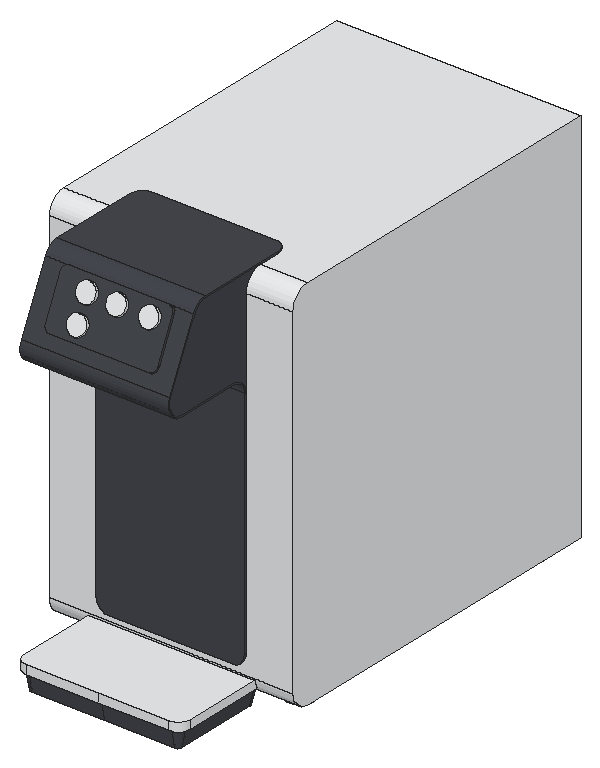
Revit family "Water_Dispenser_Filtered-Elkay-DSBS130UVPC", category Plumbing Fixtures, Revit 2022
Family settings
  Round Connector Dimension = Use Diameter
  Part Type = Normal
  OmniClass Number = 23.45.00.00
  OmniClass Title = Sanitary, Laundry, and Cleaning Equipment
  Work Plane-Based = No
  Always vertical = Yes
  Cut with Voids When Loaded = No
  Maintain Annotation Orientation = No
  Shared = No
  Room Calculation Point = No
Parameters (values of type "DSBS130UVPC (Water Dispenser Filtered Refrigerated 1.5 GPH Stainless )")
  Width [instance] = 10 1/4"
  Waste Connection = yes
  Voltage = 115 V
  Vent Connection = yes
  URL = "https://www.elkay.com/us/en.html"
  Type Comments = ""
  Repair Parts URL = "https://www.elkayfiles.com/care-cleaning-install-warranty-sheets/1000003719.pdf"
  Product data URL = "https://www.bimobject.com/en-us/elkay/product/DSBS130UVPC"
  Product Weight (lbs) = 52  # constant formula
  Product Page URL = "https://www.elkay.com/products/details/dsbs130uvpc"
  Product Installation Sheet URL = "https://www.elkayfiles.com/care-cleaning-install-warranty-sheets/1000003719.pdf"
  Product Documentation Link = "https://www.elkayfiles.com/spec-sheets/dsbs130uvpc_spec.pdf"
  Power Factor = 1
  Number of Poles = 1
  Modified Date = ""
  Model = "DSBS130UVPC"
  Manufacturer Brand = "Elkay (by Zurn Elkay Water Solutions)"  # constant formula
  Manufacturer = "Elkay Manufacturer Company"  # constant formula
  Main Material = Finish-Elkay-Steel
  Length = 19.19076"
  Inlet Connection Size (inch) = 1/4"
  Height = 16 1/2"
  HW Connection = yes
  Front Panel = Finish-Elkay-Midnight Black
  Footings dia = 0.57"
  Dimensions (L x W x H) = "\"19 3/16 inch x 10 1/4 inch x 16 7/16 inch\""
  Description = "Water Dispenser Filtered Refrigerated 1.5 GPH Stainless Steel"
  Default Elevation = 0"
  Date Created = "12/12/2025"  # constant formula
  Current = 0 A
  Chilling Capacity(GPH) = "1.5 GPH"
  CW Connection = yes
  Buttons dia = 0.81704"
  Buttons Pad = Glass
  Assembly Code = "D2010800"
  Approx. Shipping Weight (lbs) = 66.32  # 66
Reference planes (in)
  plane 1 "Center (Front/Back)": y = 0
  plane 2: z = 0.03
  plane 3 "Center (Left/Right)": x = 0
  plane 4: z = 0.53
  plane 5: z = 16.405
  plane 6: y = 11.26574
  plane 7: y = -3.85926
  plane 8: x = 5.125
  plane 9: x = -5.125
  plane 10: y = -1.60926
  plane 11: z = 1.53
  plane 12: through (0, -6.52996, 16.05223) normal (0, -0.9002, 0.4356)
  plane 13: z = 16.4675
  plane 14: through (0, -6.58622, 16.07945) normal (0, -0.9002, 0.4356)
  plane 15: z = 12.4675
  plane 16: y = -3.92176
  plane 17: z = 12.53
  plane 18: z = 11.905
  plane 19: y = -4.48426
  plane 20: z = 15.78
  plane 21: y = -5.96736
  plane 22: y = -7.23752
  plane 23: z = 13.155
  plane 24: x = -4.06474
  plane 25: x = 4.06474
  plane 26: y = -2.15584
  plane 27: y = 9.84416
  plane 28: x = -3.5
  plane 29: x = 3.5
  plane 30: y = -7.74504
  plane 31: y = -3.26092
  plane 32: x = -2.625
  plane 33: x = 2.625
  plane 34: y = -3.63592
  plane 35: y = -3.38592
  plane 36: x = -3.375
  plane 37: x = -2.75
  plane 38: x = 2.75
  plane 39: x = 3.375
  plane 40: y = -3.51092
  plane 41: x = 2.5
  plane 42: y = -3.51092
  plane 43: y = -3.57342
  plane 44: y = -7.44842
  plane 45: y = -3.94842
  plane 46: x = -3.3125
  plane 47: y = -7.57342
  plane 48: x = 3.3125
  plane 49: y = -3.44842
  plane 50: y = -3.82342
  plane 51: y = -3.51092
  plane 52: z = 0.45937
  plane 53: through (0, -6.82477, 15.94518) normal (0, -0.9002, 0.4356)
  plane 54: y = -1.35926
  plane 55: y = -2.17176
  plane 56: x = 3.31095
  plane 57: x = -3.31095
  plane 58: x = -2.5625
  plane 59: x = 2.5625
  plane 60: z = 1.35734
  plane 61: z = 2.44269
  plane 62: x = -2.26573
  plane 63: x = -3.375
  plane 64: x = 3.375
  plane 65: z = 12.1722
  plane 66: z = 12.53
  plane 67: y = -7.92502
  plane 68: x = 3.5
  plane 69: x = -3.53778
  plane 70: z = 12.4675
  plane 71: through (0, -7.87889, 13.40259) normal (0, -0.9002, 0.4356)
  plane 72: y = -7.92502
  plane 73: z = 0.03
  plane 74: z = 0.817
  plane 75: z = 5.9675
  plane 76: x = 2.125
  plane 77: y = 11.20324
  plane 78: z = 7.9675
  plane 79: y = -3.92176
Forms (in)
  Extrusion 1, solid, material "Finish-Elkay-Steel" <- "Main Material"
    sketch origin (0, 0, -0.0325) x (1, 0, 0) y (0, 1, 0)
      loop
        circle (-4.06474, -2.15584) r 0.57
      loop
        circle (4.06474, -2.15584) r 0.57
      loop
        circle (-4.06474, 9.84416) r 0.57
      loop
        circle (4.06474, 9.84416) r 0.57
    from 0.0625 to 0.53
  Extrusion 2, solid, material "Finish-Elkay-Steel", detail levels fine
    sketch origin (3.92258, -13.37925, 0) x (0, -1, 0) y (0, 0, -1)
      loop
        arc (-9.51999, -1.2475) -> (-9.73966, -0.71717) -> (-10.26999, -0.4975) r 0.75
        line (-10.26999, -0.4975) -> (-24.64499, -0.4975) -> (-24.64499, -16.405) -> (-10.26999, -16.405)
        arc (-10.26999, -16.405) -> (-9.73966, -16.18533) -> (-9.51999, -15.655) r 0.75
        line (-9.51999, -15.655) -> (-9.51999, -1.2475)
    from -9.05258 to 1.20242
  Extrusion 3, solid, material "Finish-Elkay-Midnight Black" <- "Front Panel", detail levels fine
    sketch origin (3.9654, 13.58074, 0) x (0, -1, 0) y (0, 0, -1)
      loop
        line (16.6275, -16.405) -> (19.5481, -16.405)
        arc (19.5481, -16.405) -> (19.88012, -16.30951) -> (20.1107, -16.05223) r 0.625
        line (20.1107, -16.05223) -> (21.38086, -13.42723)
        arc (21.38086, -13.42723) -> (21.34777, -12.82297) -> (20.81826, -12.53) r 0.625
        line (20.81826, -12.53) -> (18.065, -12.53)
        arc (18.065, -12.53) -> (17.62306, -12.34694) -> (17.44, -11.905) r 0.625
        line (17.44, -11.905) -> (17.44, -15.5925)
        arc (17.44, -15.5925) -> (17.20202, -16.16702) -> (16.6275, -16.405) r 0.8125
    from -7.0904 to -0.8404
  Extrusion 4, solid, material "Finish-Elkay-Midnight Black" <- "Front Panel", detail levels fine
    sketch origin (5.0675, 13.58074, 0) x (0, -1, 0) y (0, 0, -1)
      loop
        line (15.19, -16.405) -> (15.19, -16.4675) -> (19.5481, -16.4675)
        arc (19.5481, -16.4675) -> (19.91333, -16.36246) -> (20.16696, -16.07945) r 0.6875
        line (20.16696, -16.07945) -> (21.43712, -13.45445)
        arc (21.43712, -13.45445) -> (21.40072, -12.78977) -> (20.81826, -12.4675) r 0.6875
        line (20.81826, -12.4675) -> (18.065, -12.4675)
        arc (18.065, -12.4675) -> (17.66725, -12.30275) -> (17.5025, -11.905) r 0.5625
        line (17.5025, -11.905) -> (17.5025, -1.53) -> (17.44, -1.53) -> (17.44, -11.905)
        arc (17.44, -11.905) -> (17.62306, -12.34694) -> (18.065, -12.53) r 0.625
        line (18.065, -12.53) -> (20.81826, -12.53)
        arc (20.81826, -12.53) -> (21.34777, -12.82297) -> (21.38086, -13.42723) r 0.625
        line (21.38086, -13.42723) -> (20.1107, -16.05223)
        arc (20.1107, -16.05223) -> (19.88012, -16.30951) -> (19.5481, -16.405) r 0.625
        line (19.5481, -16.405) -> (15.19, -16.405)
    from -8.1925 to -1.9425
  Extrusion 5, void
    sketch origin (0, 0, -0.0325) x (1, 0, 0) y (0, 1, 0)
      loop
        line (-2.5625, -1.60926) -> (-2.5625, -1.35926) -> (-3.31095, -1.35926) -> (-3.31095, -2.17176) -> (-3.125, -2.17176)
        arc (-3.125, -2.17176) -> (-2.96025, -1.77402) -> (-2.5625, -1.60926) r 0.5625
      loop
        arc (2.5625, -1.60926) -> (2.96025, -1.77402) -> (3.125, -2.17176) r 0.5625
        line (3.125, -2.17176) -> (3.31095, -2.17176) -> (3.31095, -1.35926) -> (2.5625, -1.35926) -> (2.5625, -1.60926)
    from 16.4375 to 16.58746
  Extrusion 6, void
    sketch origin (5.0675, -3.92176, 12.53) x (0, 0, 1) y (1, 0, 0)
      loop
        arc (-10.47, -8.1925) -> (-10.86775, -8.02775) -> (-11.0325, -7.63) r 0.5625
        line (-11.0325, -7.63) -> (-11.0325, -7.33323) -> (-11.17266, -7.33323) -> (-11.17266, -8.4425) -> (-10.08731, -8.4425) -> (-10.08731, -8.1925) -> (-10.47, -8.1925)
      loop
        line (-10.4814, -1.9425) -> (-9.7825, -1.9425) -> (-9.7825, -1.6925) -> (-11.17266, -1.6925) -> (-11.17266, -2.79037) -> (-11.0325, -2.79037) -> (-11.0325, -2.4936)
        arc (-11.0325, -2.4936) -> (-10.87109, -2.10391) -> (-10.4814, -1.9425) r 0.5511
    from 0.0625 to -0.45053
  Extrusion 7, solid, material "Finish-Elkay-Midnight Black" <- "Front Panel", detail levels fine
    sketch origin (5.0675, -6.4244, 16.41387) x (0, -0.435561, -0.900159) y (1, 0, 0)
      loop
        arc (0.37743, -7.15586) -> (0.45065, -7.33264) -> (0.62743, -7.40586) r 0.25
        line (0.62743, -7.40586) -> (2.50139, -7.40586)
        arc (2.50139, -7.40586) -> (2.67817, -7.33264) -> (2.75139, -7.15586) r 0.25
        line (2.75139, -7.15586) -> (2.75139, -2.9425)
        arc (2.75139, -2.9425) -> (2.67817, -2.76572) -> (2.50139, -2.6925) r 0.25
        line (2.50139, -2.6925) -> (0.62743, -2.6925)
        arc (0.62743, -2.6925) -> (0.45065, -2.76572) -> (0.37743, -2.9425) r 0.25
        line (0.37743, -2.9425) -> (0.37743, -7.15586)
    from 0 to 0.0625
  Extrusion 8, solid, material "Finish-Elkay-Steel" <- "Main Material", detail levels fine
    sketch origin (5.0675, -6.48066, 16.4411) x (0, -0.435561, -0.900159) y (1, 0, 0)
      loop
        circle (1.0048, -6.15284) r 0.40852
    from 0 to 0.09375
  Extrusion 9, solid, material "Finish-Elkay-Steel" <- "Main Material", detail levels fine
    sketch origin (4.79066, -7.95386, 13.39649) x (0, 0.435561, 0.900159) y (-1, 0, 0)
      loop
        circle (1.24703, 5.876) r 0.40852
    from 0 to 0.09375
  Extrusion 10, solid, material "Finish-Elkay-Steel" <- "Main Material", detail levels fine
    sketch origin (6.06548, -6.37516, 16.65913) x (0, -0.435561, -0.900159) y (1, 0, 0)
      loop
        circle (1.24703, -5.876) r 0.40852
    from 0 to 0.09375
  Extrusion 11, solid, material "Finish-Elkay-Steel" <- "Main Material", detail levels fine
    sketch origin (7.44048, -6.37516, 16.65913) x (0, -0.435561, -0.900159) y (1, 0, 0)
      loop
        circle (1.24703, -5.876) r 0.40852
    from 0 to 0.09375
  Extrusion 12, solid, material "Finish-Elkay-Steel" <- "Main Material"
    sketch origin (3.9654, -3.85926, 12.53) x (-1, 0, 0) y (0, 1, 0)
      loop
        circle (3.9029, -2.00163) r 0.5
    from 0 to 0.3578
  Extrusion 13, solid, material "Finish-Elkay-Steel" <- "Main Material", detail levels fine
    sketch origin (11.3125, 3.4197, 0.66515) x (1, 0, 0) y (0, 1, 0)
      loop
        line (-11.3125, -7.05562) -> (-13.8125, -7.05562)
        arc (-13.8125, -7.05562) -> (-13.90089, -7.01901) -> (-13.9375, -6.93062) r 0.125
        line (-13.9375, -6.93062) -> (-13.9375, -6.80562)
        arc (-13.9375, -6.80562) -> (-13.97411, -6.71723) -> (-14.0625, -6.68062) r 0.125
        line (-14.0625, -6.68062) -> (-14.6875, -6.68062)
        arc (-14.6875, -6.68062) -> (-14.77589, -6.71723) -> (-14.8125, -6.80562) r 0.125
        line (-14.8125, -6.80562) -> (-14.8125, -10.66474)
        arc (-14.8125, -10.66474) -> (-14.66605, -11.01829) -> (-14.3125, -11.16474) r 0.5
        line (-14.3125, -11.16474) -> (-11.3125, -11.16474) -> (-8.3125, -11.16474)
        arc (-8.3125, -11.16474) -> (-7.95895, -11.01829) -> (-7.8125, -10.66474) r 0.5
        line (-7.8125, -10.66474) -> (-7.8125, -6.80562)
        arc (-7.8125, -6.80562) -> (-7.84911, -6.71723) -> (-7.9375, -6.68062) r 0.125
        line (-7.9375, -6.68062) -> (-8.5625, -6.68062)
        arc (-8.5625, -6.68062) -> (-8.65089, -6.71723) -> (-8.6875, -6.80562) r 0.125
        line (-8.6875, -6.80562) -> (-8.6875, -6.93062)
        arc (-8.6875, -6.93062) -> (-8.72411, -7.01901) -> (-8.8125, -7.05562) r 0.125
        line (-8.8125, -7.05562) -> (-11.3125, -7.05562)
    from 0.15185 to 0.50705
  Blend 14, solid, material "Finish-Elkay-Midnight Black" <- "Front Panel"
    base sketch origin (11.3125, 3.4197, 0.49295) x (1, 0, 0) y (0, 1, 0)
      loop
        arc (-13.8125, -7.24312) -> (-14.01708, -7.16685) -> (-14.12179, -6.97526) r 0.3125
        arc (-14.12179, -6.97526) -> (-14.16368, -6.89863) -> (-14.24551, -6.86812) r 0.125
        line (-14.24551, -6.86812) -> (-14.5, -6.86812)
        arc (-14.5, -6.86812) -> (-14.58839, -6.90473) -> (-14.625, -6.99312) r 0.125
        line (-14.625, -6.99312) -> (-14.625, -10.68062)
        arc (-14.625, -10.68062) -> (-14.53347, -10.90159) -> (-14.3125, -10.99312) r 0.3125
        line (-14.3125, -10.99312) -> (-11.3125, -10.99312) -> (-8.3125, -10.99312)
        arc (-8.3125, -10.99312) -> (-8.09153, -10.90159) -> (-8, -10.68062) r 0.3125
        line (-8, -10.68062) -> (-8, -6.99312)
        arc (-8, -6.99312) -> (-8.03661, -6.90473) -> (-8.125, -6.86812) r 0.125
        line (-8.125, -6.86812) -> (-8.37949, -6.86812)
        arc (-8.37949, -6.86812) -> (-8.46132, -6.89863) -> (-8.50321, -6.97526) r 0.125
        arc (-8.50321, -6.97526) -> (-8.60792, -7.16685) -> (-8.8125, -7.24312) r 0.3125
        line (-8.8125, -7.24312) -> (-11.3125, -7.24312) -> (-13.8125, -7.24312)
    top sketch origin (11.3125, 3.4197, 0.49295) x (1, 0, 0) y (0, 1, 0)
      loop
        line (-14.5, -7.11812) -> (-14.5, -10.68062)
        arc (-14.5, -10.68062) -> (-14.44508, -10.8132) -> (-14.3125, -10.86812) r 0.1875
        line (-14.3125, -10.86812) -> (-11.3125, -10.86812) -> (-8.3125, -10.86812)
        arc (-8.3125, -10.86812) -> (-8.17992, -10.8132) -> (-8.125, -10.68062) r 0.1875
        line (-8.125, -10.68062) -> (-8.125, -7.11812)
        arc (-8.125, -7.11812) -> (-8.16161, -7.02973) -> (-8.25, -6.99312) r 0.125
        line (-8.25, -6.99312) -> (-8.28217, -6.99312)
        arc (-8.28217, -6.99312) -> (-8.35434, -7.01606) -> (-8.40002, -7.07645) r 0.125
        arc (-8.40002, -7.07645) -> (-8.55991, -7.28784) -> (-8.8125, -7.36812) r 0.4375
        line (-8.8125, -7.36812) -> (-11.3125, -7.36812) -> (-13.8125, -7.36812)
        arc (-13.8125, -7.36812) -> (-14.06509, -7.28784) -> (-14.22498, -7.07645) r 0.4375
        arc (-14.22498, -7.07645) -> (-14.27066, -7.01606) -> (-14.34283, -6.99312) r 0.125
        line (-14.34283, -6.99312) -> (-14.375, -6.99312)
        arc (-14.375, -6.99312) -> (-14.46339, -7.02973) -> (-14.5, -7.11812) r 0.125
    from 0.32405 to -0.46295
  Extrusion 15, solid, material "Finish-Elkay-Steel" <- "Main Material", detail levels coarse+medium
    sketch origin (0, 0, 0) x (0, 1, 0) y (0, 0, 1)
      loop
        line (11.26574, 16.4675) -> (-3.92176, 16.4675) -> (-3.92176, 0.03) -> (11.26574, 0.03) -> (11.26574, 16.4675)
    from -5.13 to 5.125
  Extrusion 16, solid, material "Finish-Elkay-Midnight Black" <- "Front Panel", detail levels coarse+medium
    sketch origin (0, 0, 0) x (0, 1, 0) y (0, 0, 1)
      loop
        line (-3.92176, 16.4675) -> (-6.57203, 16.4675) -> (-8.47728, 12.53) -> (-3.92176, 12.53) -> (-3.92176, 16.4675)
    from -3.125 to 3.125
  Extrusion 17, solid, material "Finish-Elkay-Midnight Black" <- "Front Panel", detail levels coarse+medium
    sketch origin (0, 0, -0.0325) x (1, 0, 0) y (0, 1, 0)
      loop
        line (-3.53778, -3.26092) -> (-3.53778, -7.74504) -> (3.5, -7.74504) -> (3.5, -3.26092) -> (-3.53778, -3.26092)
    from 0.0625 to 0.53
  Extrusion 18, solid, material "Glass"
    sketch origin (0, 0, 0) x (1, 0, 0) y (0, 0, 1)
      loop
        circle (2.125, 5.9675) r 0.25
    from -11.26574 to -11.20324
  Extrusion 19, solid, material "Glass"
    sketch origin (0, 0, 0) x (1, 0, 0) y (0, 0, 1)
      loop
        circle (4.06474, 7.9675) r 0.5
    from -11.26574 to -11.20324
Cuts and joins
  Extrusion 5 cuts Extrusion 1
  Extrusion 5, Extrusion 6 cuts Extrusion 2
  Extrusion 5, Extrusion 6 cuts Extrusion 4
Lines and regions (in)
  Masking region 1
    outline origin (0, 0, 0) x (1, 0, 0) y (0, 1, 0)
      loop
        line (5.125, 11.26574) -> (-5.13, 11.26574) -> (-5.13, -3.92176) -> (-3.53778, -3.92176) -> (-3.53778, -8.47728) -> (3.5, -8.47728) -> (3.5, -3.92176) -> (5.125, -3.92176) -> (5.125, 11.26574)
  reference lines
    curve 1: line (0, 16.08074, -0.0325) -> (0, -17.41926, -0.0325)
    curve 2: line (0, 16.08074, 0.4975) -> (0, -17.41926, 0.4975)
    curve 3: line (-13.75, 0, 17.43) -> (14.25, 0, 17.43)
    curve 4: line (-2.3485, 0, 15.73) -> (-2.3485, 0, 23.98)
    curve 5: line (2.3715, 0, 15.23) -> (2.3715, 0, 23.98)
    curve 6: line (0, -2.91926, 19.1975) -> (0, -2.91926, 21.6975)
    curve 7: line (0, 15.42701, 19.7275) -> (0, -18.07299, 19.7275)
  model lines, detail levels fine
    curve 8: line (-3.125, -6.58622, 16.07945) -> (3.125, -6.58622, 16.07945)
    curve 9: line (-1.08628, -7.32164, 14.70308) -> (-0.83628, -7.32164, 14.70308)
    curve 10: line (-1.21128, -7.48497, 14.36552) -> (-1.21128, -7.37608, 14.59056)
    curve 11: line (-0.83628, -7.53942, 14.253) -> (-1.08628, -7.53942, 14.253)
    curve 12: line (-0.71128, -7.37608, 14.59056) -> (-0.71128, -7.48497, 14.36552)
    curve 13: arc (-1.08628, -7.32164, 14.70308) -> (-1.17467, -7.33758, 14.67013) -> (-1.21128, -7.37608, 14.59056) r 0.125
    curve 14: arc (-1.21128, -7.48497, 14.36552) -> (-1.17467, -7.52347, 14.28596) -> (-1.08628, -7.53942, 14.253) r 0.125
    curve 15: arc (-0.83628, -7.53942, 14.253) -> (-0.74789, -7.52347, 14.28596) -> (-0.71128, -7.48497, 14.36552) r 0.125
    curve 16: arc (-0.71128, -7.37608, 14.59056) -> (-0.74789, -7.33758, 14.67013) -> (-0.83628, -7.32164, 14.70308) r 0.125
  model lines
    curve 17: line (-3.125, -5.86089, 12.53) -> (3.125, -5.86089, 12.53)
    curve 18: line (-2.75, -3.32342, 1.1722) -> (-3.375, -3.32342, 1.1722)
    curve 19: arc (-3.375, -3.32342, 1.1722) -> (-3.41919, -3.34173, 1.1722) -> (-3.4375, -3.38592, 1.1722) r 0.0625
    curve 20: arc (-2.6875, -3.38592, 1.1722) -> (-2.70581, -3.34173, 1.1722) -> (-2.75, -3.32342, 1.1722) r 0.0625
    curve 21: arc (-2.5, -3.69842, 1.1722) -> (-2.63258, -3.6435, 1.1722) -> (-2.6875, -3.51092, 1.1722) r 0.1875
    curve 22: line (-2.6875, -3.51092, 1.1722) -> (-2.6875, -3.38592, 1.1722)
    curve 23: line (0, -3.69842, 1.1722) -> (-2.5, -3.69842, 1.1722)
    curve 24: line (2.5, -3.69842, 1.1722) -> (0, -3.69842, 1.1722)
    curve 25: arc (3.4375, -3.38592, 1.1722) -> (3.41919, -3.34173, 1.1722) -> (3.375, -3.32342, 1.1722) r 0.0625
    curve 26: line (3.375, -3.32342, 1.1722) -> (2.75, -3.32342, 1.1722)
    curve 27: arc (2.75, -3.32342, 1.1722) -> (2.70581, -3.34173, 1.1722) -> (2.6875, -3.38592, 1.1722) r 0.0625
    curve 28: line (2.6875, -3.38592, 1.1722) -> (2.6875, -3.51092, 1.1722)
    curve 29: arc (2.6875, -3.51092, 1.1722) -> (2.63258, -3.6435, 1.1722) -> (2.5, -3.69842, 1.1722) r 0.1875
  symbolic lines, detail levels fine
    curve 30: line (2.57843, -1.60926, -0.0325) -> (-2.5625, -1.60926, -0.0325)
    curve 31: arc (-3.125, -2.17176, -0.0325) -> (-2.96025, -1.77402, -0.0325) -> (-2.5625, -1.60926, -0.0325) r 0.5625
    curve 32: arc (2.57843, -1.60926, -0.0325) -> (2.96491, -1.76935, -0.0325) -> (3.125, -2.15584, -0.0325) r 0.54657
    curve 33: line (3.125, -8.47728, -0.0325) -> (3.125, -2.15584, -0.0325)
    curve 34: line (-3.125, -2.17176, -0.0325) -> (-3.125, -8.47728, -0.0325)
Dimensions and locks (in)
  locked: curve 2 to curve 1 at 0.53
  locked: plane 4 to plane 5 at 15.875
  locked: curve 5 to plane 6 at 11.26574
  locked: plane 7 to plane 6 at 15.125
  locked: curve 1 to level
  locked: plane 1 "Center (Front/Back)" to curve 7 at 18.07299
  locked: plane 1 "Center (Front/Back)" to curve 2 at 17.41926
  locked: curve 1 to curve 2  (x2)
  locked: plane 1 "Center (Front/Back)" to curve 6 at 2.91926
  locked: curve 7 to plane 1 "Center (Front/Back)" at 15.42701
  locked: curve 2 to plane 1 "Center (Front/Back)" at 16.08074
  locked: level to curve 6 at 19.23
  locked: curve 6 to curve 7 at 0.53
  locked: curve 6 to curve 6 at 2.5
  locked: curve 3 to plane 3 "Center (Left/Right)" at 13.75
  locked: plane 3 "Center (Left/Right)" to curve 5 at 2.3715
  locked: curve 4 to plane 3 "Center (Left/Right)" at 2.3485
  locked: curve 5 to curve 3 at 11.8785
  locked: curve 5 to curve 4 at 0.5
  locked: curve 5 to curve 3 at 2.2
  locked: curve 5 to curve 5 at 8.75
  locked: curve 4 to curve 5
  locked: Extrusion 3 sketch curve to Extrusion 3 sketch curve at 0.8125
  locked: Extrusion 3 sketch curve to Extrusion 3 sketch curve at 0.625
  locked: Extrusion 3 sketch curve to Extrusion 3 sketch curve at 0.5626
  locked: Extrusion 3 sketch curve to Extrusion 3 sketch curve at 0.35277
  locked: Extrusion 3 sketch curve to Extrusion 3 sketch curve at 0.27223
  locked: Blend 14 sketch curve to plane 3 "Center (Left/Right)"  (x4)
  locked: Blend 14 sketch curve to plane 3 "Center (Left/Right)" at 2.5
  locked: Blend 14 sketch curve to Blend 14 sketch curve at 0.53033  (x2)
  locked: Blend 14 sketch curve to Blend 14 sketch curve at 0.03217  (x2)
  locked: Blend 14 sketch curve to Blend 14 sketch curve at 0.1875  (x2)
  locked: Blend 14 sketch curve to Blend 14 sketch curve at 0.25  (x2)
  locked: Blend 14 sketch curve to Blend 14 sketch curve  (x3)
  locked: Blend 14 sketch curve to Blend 14 sketch curve at 0.4375  (x2)
  locked: curve 20 to curve 20 at 0.0625
  locked: curve 26 to curve 25 at 0.0625
  locked: plane 8 to plane 9 at 10.25
  equal spacing: plane 8, plane 3 "Center (Left/Right)", plane 9, locked at 5.125 each
  locked: Extrusion 2 sketch curve to plane 7 at 0.75
  locked: Extrusion 2 sketch curve to Extrusion 2 sketch curve at 0.75
  locked: plane 1 "Center (Front/Back)" to plane 10 at 1.60926
  locked: curve 1 to plane 11 at 1.5625
  locked: curve 8 to plane 8 at 2
  locked: plane 9 to curve 8 at 2
  locked: plane 13 to cut or joined group of Extrusion 2, Extrusion 5, Extrusion 6 at 0.0625
  locked: plane 13 to plane 15 at 4
  locked: cut or joined group of Extrusion 2, Extrusion 5, Extrusion 6 to plane 16 at 0.0625
  locked: plane 17 to plane 15 at 0.0625
  locked: plane 13 to plane 20 at 0.6875
  locked: plane 10 to plane 21 at 4.3581
  locked: cut or joined group of Extrusion 2, Extrusion 5, Extrusion 6 to plane 22 at 3.37826
  locked: plane 23 to plane 15 at 0.6875
  locked: Extrusion 4 sketch curve to plane 18
  locked: Extrusion 4 sketch curve to plane 23 at 0.29945
  locked: cut or joined group of Extrusion 2, Extrusion 5, Extrusion 6 to Extrusion 3 sketch curve at 4.5
  locked: curve 17 to plane 8 at 2
  locked: plane 1 "Center (Front/Back)" to curve 17 at 5.86089
  locked: plane 9 to curve 17 at 2
  locked: plane 27 to plane 26 at 12
  locked: plane 24 to plane 25 at 8.12948
  locked: cut or joined group of Extrusion 2, Extrusion 5, Extrusion 6 to plane 27 at 1.42157
  locked: cut or joined group of Extrusion 2, Extrusion 5, Extrusion 6 to plane 24 at 1.06526
  locked: plane 28 to plane 29 at 7
  equal spacing: plane 28, curve 7, plane 29, locked at 3.5 each
  locked: cut or joined group of Extrusion 2, Extrusion 5, Extrusion 6 to plane 30 at 19.01078
  locked: plane 31 to plane 30 at 4.48412
  locked: plane 28 to plane 32 at 0.875
  locked: plane 33 to plane 29 at 0.875
  locked: plane 35 to plane 31 at 0.125
  locked: plane 39 to Extrusion 13 sketch curve at 0.125
  locked: plane 33 to plane 38 at 0.125
  locked: plane 40 to plane 34 at 0.125
  locked: plane 41 to plane 33 at 0.125
  locked: Extrusion 13 sketch curve to plane 37
  locked: Extrusion 13 sketch curve to plane 3 "Center (Left/Right)"  (x2)
  locked: plane 40 to Extrusion 13 sketch curve
  locked: Extrusion 13 sketch curve to plane 37 at 0.25
  locked: plane 38 to Extrusion 13 sketch curve at 0.25
  locked: plane 42 to plane 31 at 0.25
  locked: curve 21 to curve 23 at 2.5
  locked: plane 43 to plane 44 at 3.875
  locked: Blend 14 sketch curve to Blend 14 sketch curve at 6.375
  locked: cut or joined group of Extrusion 2, Extrusion 5, Extrusion 6 to plane 44 at 18.71416
  locked: plane 43 to Blend 14 sketch curve
  locked: Blend 14 sketch curve to curve 7 at 3.1875
  locked: curve 7 to Blend 14 sketch curve at 3.1875
  locked: plane 45 to plane 43 at 0.375
  locked: cut or joined group of Extrusion 2, Extrusion 5, Extrusion 6 to plane 47 at 18.83916
  locked: plane 9 to plane 46 at 1.8125
  locked: plane 48 to plane 8 at 1.8125
  locked: plane 49 to plane 47 at 4.125
  locked: plane 49 to plane 50 at 0.375
  locked: Blend 14 sketch curve to Blend 14 sketch curve at 5
  equal spacing: Blend 14 sketch curve, curve 7, Blend 14 sketch curve, locked at 2.5 each
  locked: plane 49 to plane 51 at 0.0625
  locked: Blend 14 sketch curve to Blend 14 sketch curve at 0.125  (x2)
  locked: plane 49 to Blend 14 sketch curve at 0.125  (x2)
  locked: Blend 14 sketch curve to Blend 14 sketch curve at 0.25449  (x2)
  locked: plane 46 to Blend 14 sketch curve at 0.125
  locked: plane 46 to Blend 14 sketch curve at 0.3125
  locked: Blend 14 sketch curve to plane 47 at 0.3125
  locked: Blend 14 sketch curve to Blend 14 sketch curve at 0.3125  (x2)
  locked: plane 51 to Blend 14 sketch curve
  locked: Blend 14 sketch curve to plane 48 at 0.3125
  locked: Blend 14 sketch curve to plane 48 at 0.125
  locked: plane 51 to Blend 14 sketch curve at 0.0625
  locked: plane 52 to level at 0.49187
  locked: curve 24 to plane 3 "Center (Left/Right)"
  locked: curve 22 to curve 21 at 0.1875
  locked: curve 18 to curve 18 at 0.625
  locked: plane 25 to curve 24 at 1.56474
  locked: curve 29 to curve 28 at 0.1875
  locked: curve 27 to curve 27 at 0.0625
  locked: curve 27 to curve 25 at 0.625
  locked: curve 24 to plane 26 at 1.54258
  locked: curve 21 to curve 20 at 0.125
  locked: curve 19 to curve 18 at 0.0625
  locked: curve 28 to curve 25 at 0.125
  locked: curve 11 to Extrusion 7 at 0.32061
  locked: curve 15 to curve 15 at 0.125
  locked: curve 14 to curve 11 at 0.125
  locked: curve 16 to curve 15 at 0.25
  locked: curve 13 to curve 14 at 0.25
  locked: curve 9 to curve 16 at 0.125
  locked: curve 11 to curve 11 at 0.25
  locked: curve 10 to Extrusion 7 at 1.12708
  locked: Extrusion 7 sketch curve to Extrusion 7 sketch curve at 2.37396
  locked: Extrusion 7 sketch curve to Extrusion 7 sketch curve at 4.71336
  locked: Extrusion 7 sketch curve to cut or joined group of Extrusion 4, Extrusion 5, Extrusion 6 at 2.52299
  locked: cut or joined group of Extrusion 4, Extrusion 5, Extrusion 6 to Extrusion 7 sketch curve at 0.78664
  locked: Extrusion 7 sketch curve to Extrusion 7 sketch curve at 0.25  (x6)
  locked: Extrusion 7 sketch curve to curve 8 at 0.25591
  locked: Extrusion 7 to cut or joined group of Extrusion 4, Extrusion 5, Extrusion 6 at 0.0625
  locked: Extrusion 7 to Extrusion 8 sketch curve at 1.25302
  locked: Extrusion 7 to Extrusion 8 sketch curve at 0.62738
  locked: Extrusion 7 to Extrusion 10 sketch curve at 0.62738
  locked: Extrusion 7 to Extrusion 10 sketch curve at 2.52784
  locked: Extrusion 11 sketch curve to Extrusion 7 at 0.81051
  locked: Extrusion 7 to Extrusion 11 sketch curve at 0.62738
  locked: Extrusion 7 to Extrusion 9 sketch curve at 0.61612
  locked: Extrusion 7 to Extrusion 9 sketch curve at 1.25302
  locked: plane 53 to cut or joined group of Extrusion 4, Extrusion 5, Extrusion 6 at 0.15625
  locked: plane 57 to cut or joined group of Extrusion 4, Extrusion 5, Extrusion 6 at 0.18595
  locked: cut or joined group of Extrusion 4, Extrusion 5, Extrusion 6 to plane 56 at 0.18595
  locked: plane 54 to cut or joined group of Extrusion 4, Extrusion 5, Extrusion 6 at 0.25
  locked: plane 59 to plane 56 at 0.74845
  locked: plane 57 to plane 58 at 0.74845
  locked: Extrusion 5 sketch curve to plane 58
  locked: Extrusion 5 sketch curve to plane 59
  locked: plane 60 to level at 1.38984
  locked: Extrusion 6 sketch curve to plane 62 at 1.10927
  locked: plane 61 to level at 2.47519
  locked: Extrusion 13 to plane 62 at 1.10927
  locked: Extrusion 6 sketch curve to plane 63 at 0.8125
  locked: plane 61 to Extrusion 6 sketch curve at 0.38269
  locked: plane 64 to plane 63 at 6.75
  locked: plane 64 to Extrusion 6 sketch curve at 1.09787
  locked: Extrusion 6 sketch curve to plane 60 at 0.69125
  locked: plane 64 to Extrusion 6 sketch curve at 0.8011
  locked: plane 62 to Extrusion 6 sketch curve
  locked: plane 61 to Extrusion 6 sketch curve at 0.30481
  locked: plane 66 to plane 65 at 0.3578
  locked: Extrusion 13 to Extrusion 12 sketch curve at 3.4375
  locked: Extrusion 13 to Extrusion 12 sketch curve at 1.88415
  locked: cut or joined group of Extrusion 2, Extrusion 5, Extrusion 6 to plane 67 at 19.19076
  locked: plane 66 to Extrusion 15 sketch curve at 3.9375
  locked: Masking region 1 sketch curve to plane 24 at 0.52697
  locked: plane 25 to Masking region 1 sketch curve at 0.56474
  locked: Extrusion 17 sketch curve to plane 24 at 0.52697
  locked: plane 25 to Extrusion 17 sketch curve at 0.56474
  locked: Extrusion 17 sketch curve to plane 26 at 1.10508
  locked: Extrusion 17 sketch curve to Extrusion 17 sketch curve at 4.48412
  locked: Masking region 1 sketch curve to plane 67 at 0.55225
  locked: Extrusion 3 sketch curve to plane 66
  locked: Extrusion 3 sketch curve to Extrusion 3 sketch curve at 2.1081
  locked: Extrusion 3 sketch curve to Extrusion 3 sketch curve at 2.75326
  locked: plane 65 to Extrusion 3 sketch curve at 1.25502
  locked: plane 60 to Extrusion 6 sketch curve at 0.14016  (x2)
  locked: Extrusion 15 sketch curve to plane 26 at 1.76593
  locked: Extrusion 17 to level at 0.53
  locked: plane 68 to plane 69 at 7.03778
  locked: plane 3 "Center (Left/Right)" to plane 69 at 3.53778
  locked: cut or joined group of Extrusion 4, Extrusion 5, Extrusion 6 to cut or joined group of Extrusion 4, Extrusion 5, Extrusion 6 at 6.25
  locked: plane 66 to Extrusion 16 sketch curve at 3.9375
  locked: Extrusion 16 sketch curve to plane 26 at 1.76593
  locked: plane 27 to Extrusion 15 sketch curve at 1.42157
  locked: Masking region 1 to cut or joined group of Extrusion 4, Extrusion 5, Extrusion 6 at 6.86801
  locked: curve 10 to Masking region 1 at 3.91872
  "Width": plane 9 to plane 8
  locked: plane 66 to curve 5 at 2.7
  "Height": cut or joined group of Extrusion 4, Extrusion 5, Extrusion 6 to level
  "Length": cut or joined group of Extrusion 2, Extrusion 5, Extrusion 6 to plane 72
  locked: plane 52 to curve 2 at 0.03813
  locked: plane 4 to Extrusion 2 sketch curve at 0.0325
  locked: plane 65 to Extrusion 13 at 11
  cut or joined group of Extrusion 4, Extrusion 5, Extrusion 6 to level = 16 1/2"
  locked: cut or joined group of Extrusion 4, Extrusion 5, Extrusion 6 to plane 73 at 16.4375
  locked: plane 74 to plane 73 at 0.787
  locked: level to plane 75 at 6
  locked: plane 76 to Extrusion 15 at 3
  locked: Extrusion 15 to plane 77 at 0.0625
  locked: level to plane 78 at 8
  locked: plane 8 to Masking region 1 sketch curve
  locked: Masking region 1 sketch curve to plane 9 at 0.005
  locked: Masking region 1 sketch curve to plane 77 at 0.0625
  radius of Extrusion 4 sketch curve = 9/16"
  "Footings dia": radius of Extrusion 1 sketch curve  (x4)
  "Buttons dia": diameter of Extrusion 8 sketch curve
  "Buttons dia": diameter of Extrusion 10 sketch curve
  "Buttons dia": diameter of Extrusion 11 sketch curve
  "Buttons dia": diameter of Extrusion 9 sketch curve
  diameter of Extrusion 12 sketch curve = 1"
  diameter of Extrusion 19 sketch curve = 1"
  locked: plane 10 to plane 12 (angle 25.821°)
  aligned and locked: plane 5 to Extrusion 2 sketch curve
  aligned and locked: Extrusion 2 sketch curve to plane 6
  aligned and locked: plane 7 to Extrusion 2 sketch curve
  aligned and locked: Extrusion 4 sketch curve to plane 11
  aligned and locked: plane 12 to Extrusion 4 sketch curve
  aligned and locked: plane 10 to Extrusion 4 sketch curve  (x2)
  aligned and locked: Extrusion 4 sketch curve to plane 13
  aligned and locked: plane 14 to Extrusion 4 sketch curve
  aligned and locked: plane 15 to Extrusion 4 sketch curve
  aligned and locked: plane 17 to Extrusion 4 sketch curve
  aligned and locked: plane 18 to Extrusion 4 sketch curve  (x2)
  aligned and locked: plane 19 to Extrusion 4 sketch curve
  aligned and locked: plane 20 to Extrusion 4 sketch curve  (x2)
  aligned and locked: plane 21 to Extrusion 4 sketch curve  (x2)
  aligned and locked: plane 23 to Extrusion 4 sketch curve  (x2)
  aligned and locked: plane 22 to Extrusion 4 sketch curve  (x2)
  aligned and locked: Extrusion 4 sketch curve to plane 16
  aligned and locked: Extrusion 3 sketch curve to cut or joined group of Extrusion 4, Extrusion 5, Extrusion 6
  aligned and locked: cut or joined group of Extrusion 4, Extrusion 5, Extrusion 6 to Extrusion 3  (x2)
  aligned and locked: plane 27 to Extrusion 1 sketch curve  (x2)
  aligned and locked: plane 24 to Extrusion 1 sketch curve  (x2)
  aligned and locked: plane 26 to Extrusion 1 sketch curve  (x2)
  aligned and locked: plane 25 to Extrusion 1 sketch curve  (x2)
  aligned and locked: Extrusion 1 to curve 2
  aligned and locked: plane 28 to Extrusion 13 sketch curve
  aligned and locked: Extrusion 13 sketch curve to plane 30
  aligned and locked: plane 31 to Extrusion 13 sketch curve  (x2)
  aligned and locked: plane 33 to Extrusion 13 sketch curve
  aligned and locked: plane 32 to Extrusion 13 sketch curve
  aligned and locked: plane 34 to Extrusion 13 sketch curve
  aligned and locked: plane 35 to Extrusion 13 sketch curve  (x4)
  aligned and locked: plane 39 to Extrusion 13 sketch curve
  aligned and locked: plane 38 to Extrusion 13 sketch curve
  aligned and locked: plane 40 to Extrusion 13 sketch curve
  aligned and locked: plane 41 to Extrusion 13 sketch curve
  aligned and locked: plane 42 to Extrusion 13 sketch curve
  aligned and locked: plane 37 to Extrusion 13 sketch curve
  aligned and locked: plane 36 to Extrusion 13 sketch curve
  aligned and locked: Blend 14 sketch curve to plane 44  (x2)
  aligned and locked: Blend 14 sketch curve to plane 43
  aligned and locked: plane 46 to Blend 14 sketch curve
  aligned and locked: Blend 14 sketch curve to plane 47
  aligned and locked: plane 48 to Blend 14 sketch curve
  aligned and locked: plane 50 to Blend 14 sketch curve  (x2)
  aligned and locked: plane 51 to Blend 14 sketch curve
  aligned and locked: Blend 14 to plane 2
  aligned and locked: Extrusion 7 to cut or joined group of Extrusion 4, Extrusion 5, Extrusion 6
  aligned and locked: plane 53 to Extrusion 9
  aligned and locked: plane 53 to Extrusion 8
  aligned and locked: Extrusion 10 to Extrusion 8
  aligned and locked: Extrusion 5 sketch curve to plane 56
  aligned and locked: Extrusion 5 sketch curve to plane 57
  aligned and locked: plane 54 to Extrusion 5 sketch curve
  aligned and locked: Extrusion 5 sketch curve to plane 54
  aligned and locked: plane 62 to Extrusion 6 sketch curve
  aligned and locked: plane 61 to Extrusion 6 sketch curve
  aligned and locked: Extrusion 6 sketch curve to plane 60
  aligned and locked: plane 60 to Extrusion 6 sketch curve
  aligned and locked: plane 64 to Extrusion 6 sketch curve
  aligned and locked: plane 66 to cut or joined group of Extrusion 4, Extrusion 5, Extrusion 6
  aligned and locked: plane 65 to Extrusion 12
  aligned and locked: curve 31 to cut or joined group of Extrusion 4, Extrusion 5, Extrusion 6
  aligned and locked: Extrusion 15 sketch curve to plane 2
  aligned and locked: Extrusion 15 to cut or joined group of Extrusion 4, Extrusion 5, Extrusion 6
  aligned and locked: Extrusion 16 sketch curve to Extrusion 11
  aligned and locked: Extrusion 16 sketch curve to plane 66
  aligned and locked: Extrusion 3 to Extrusion 16
  aligned and locked: Extrusion 16 to Extrusion 3
  aligned and locked: Masking region 1 to Extrusion 16
  aligned and locked: plane 68 to Extrusion 17  (x2)
  aligned and locked: plane 69 to Extrusion 17
  aligned and locked: Extrusion 17 to plane 69
  aligned and locked: Extrusion 15 to Extrusion 16
  aligned and locked: Extrusion 17 to Masking region 1
  aligned and locked: Extrusion 15 to Masking region 1
  aligned and locked: Masking region 1 to Extrusion 15  (x4)
  aligned and locked: Extrusion 16 to cut or joined group of Extrusion 4, Extrusion 5, Extrusion 6
  aligned and locked: cut or joined group of Extrusion 4, Extrusion 5, Extrusion 6 to Extrusion 16
  aligned and locked: Masking region 1 to Extrusion 13
  aligned and locked: Extrusion 3 to cut or joined group of Extrusion 4, Extrusion 5, Extrusion 6
  aligned and locked: curve 33 to Extrusion 16
  aligned and locked: plane 26 to curve 33
  aligned and locked: plane 70 to cut or joined group of Extrusion 4, Extrusion 5, Extrusion 6
  aligned and locked: cut or joined group of Extrusion 1, Extrusion 5 to plane 73
  aligned and locked: plane 74 to Blend 14
  aligned and locked: plane 76 to Extrusion 18 sketch curve
  aligned and locked: plane 75 to Extrusion 18 sketch curve
  aligned and locked: cut or joined group of Extrusion 2, Extrusion 5, Extrusion 6 to Extrusion 18
  aligned and locked: plane 77 to Extrusion 18
  aligned and locked: Extrusion 15 to cut or joined group of Extrusion 2, Extrusion 5, Extrusion 6
  aligned and locked: plane 78 to Extrusion 19 sketch curve
  aligned and locked: plane 25 to Extrusion 19 sketch curve
  aligned and locked: cut or joined group of Extrusion 2, Extrusion 5, Extrusion 6 to Extrusion 19
  aligned and locked: Extrusion 18 to Extrusion 19
  aligned and locked: Extrusion 5 to Extrusion 3
  aligned and locked: Extrusion 2 to cut or joined group of Extrusion 1, Extrusion 5
  aligned and locked: plane 79 to Masking region 1 sketch curve
  aligned and locked: Masking region 1 sketch curve to plane 79
  aligned and locked: Extrusion 13 to plane 74
  aligned and locked: Extrusion 17 to plane 2
Automatic sketch dimensions
  plane 72 to curve 34 = 0.55225"
  plane 72 to curve 33 = 0.55225"
  curve 34 to plane 26 = 0.01593"
  plane 69 to curve 34 = 0.41278"
  curve 31 to curve 31 = 9/16"
  curve 32 to plane 68 = 0.92157"
  radius of curve 19 to Extrusion 13 = 1/16"
  radius of Extrusion 13 to curve 21 = 1/16"
  radius of curve 27 to Extrusion 13 = 1/16"
  radius of Extrusion 18 sketch curve = 1/4"
Connectors (in)
  piping at (2.125, 11.26574, 5.9675), diameter 0.25, driven by "Inlet Connection Size (inch)"
    settings: on Extrusion 18, index 1, connector inside diameter 24", connector length 0", flow factor 0, pipe flow 0 GPM, pressure drop 0.00 psi, fitting loss kfactor 0, connector angle 0.00°, fixture units 0, engagement length 0", angle of deflection 0.00°, flow configuration 0, flow direction 1, fitting loss method 0, system type 20, joint type 0, gender type 0, connector reference index -1, connector utility 0, adjustable connector no, is connector primary yes, connector description "Water Inlet"
  electrical at (4.06474, 11.26574, 7.9675), driven by "Voltage"
    settings: on Extrusion 19, index 2, voltage 115 V, apparent load 0 VA, apparent load phase1 0 VA, apparent load phase2 0 VA, apparent load phase3 0 VA, power factor 1, load classification "Power", number of poles 1, system type 30, power factor state 1, is connector primary yes, connector utility no, sub classification motor no, connector description "GFCI Receptacle"
